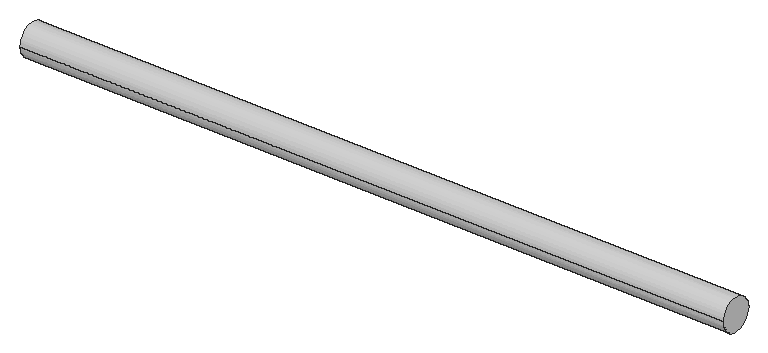
Revit family "TUBE 48-1,1_2125289", category Generic Models, Revit 2018
Family settings
  Can host rebar = No
  Round Connector Dimension = Use Diameter
  Part Type = Normal
  OmniClass Number = 35.51.17.00
  OmniClass Title = SCAFFOLDING SHORING AND FENCING
  Work Plane-Based = Yes
  Always vertical = No
  Cut with Voids When Loaded = No
  Shared = Yes
  Room Calculation Point = No
Parameters
  VERSION = "20190101"  # constant formula
  URL = "www.ulmaconstruction.com/en"
  UNICLASS = ""
  Model = ""
  ITEM_CODE = "2125289"
  Manufacturer = "ULMA CONSTRUCTION"  # constant formula
  FILTER [instance] = ""
  Default Elevation = 0 mm
  CLASSIFICATION_TITLE = ""
  CLASSIFICATION_NUMBER = ""
Reference planes
  plane 1 "Centro (Frontal/Posterior)": y = 0
  plane 2: z = 0
  plane 3 "Centro (Izquierda/Derecha)": x = 0
  plane 4 "ITEM_LENGTH": x = 1100
Forms (mm)
  Extrusion 1, solid, material "ULMA ZINC", detail levels fine
    sketch origin (0, 0, 0) x (0, 1, 0) y (0, 0, 1)
      loop
        circle (0, 0) r 24.15
    from 0 to 1100
Lines and regions (mm)
  model lines, style "ULMA FIXING ITEMS", detail levels fine
    curve 1: circle (0, 0, 0) r 21 normal (1, 0, 0)
    curve 3: circle (1100, 0, 0) r 21 normal (1, 0, 0)
  model lines, style "ULMA FIXING ITEMS", detail levels coarse+medium
    curve 2: line (0, 0, 0) -> (1100, 0, 0)
Dimensions and locks
  locked: plane 3 "Centro (Izquierda/Derecha)" to plane 4 "ITEM_LENGTH" at 1100
  aligned and locked: level to plane 2
  aligned and locked: Extrusion 1 to plane 3 "Centro (Izquierda/Derecha)"
  aligned and locked: plane 4 "ITEM_LENGTH" to Extrusion 1
  aligned and locked: plane 4 "ITEM_LENGTH" to curve 2
